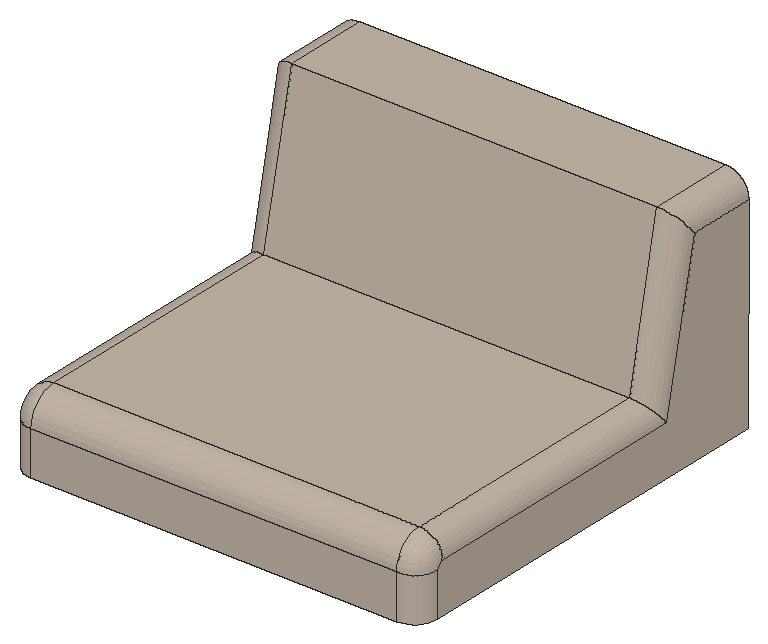
Revit family "FU_Seat_LAPSE 0200TA", category Furniture, Revit 2022
Family settings
  OmniClass Number = 23.40.20.00
  OmniClass Title = General Furniture and Specialties
  Work Plane-Based = No
  Always vertical = Yes
  Cut with Voids When Loaded = No
  Render Appearance Source = Family Geometry
  Shared = No
  Room Calculation Point = No
Parameters (values of type "LAP0200TA")
  Width = 720 mm
  URL = "https://www.sandlerseating.com/product/lapse-0200ta-2/"
  Seat [instance] = Fabric - Gravity - Wheat CPC21
  Model = "LAP0200TA"
  Manufacturer = "Sandler"
  Height = 400 mm
  Description = "Upholstered seat with backrest in the Lapse modular sofa range, 72cm x 72cm / 28.3\" x 28.3\"."
  Depth = 720 mm
  Default Elevation = 333 mm
Reference planes
  plane 1 "Center (Front/Back)": y = 0
  plane 2 "elevation": z = 333
  plane 3 "Center (Left/Right)": x = 0
  plane 4 "Right": x = -360
  plane 5 "Left": x = 360
  plane 6 "Front": y = -360
  plane 7 "Back": y = 360
  plane 8 "Height": z = 733
  plane 9: y = 245
  plane 10 "Seat Height": z = 460
Forms (mm)
  Sweep 1, solid, material "Fabric - Gravity - Wheat CPC21" <- "Seat"
    path origin (0, 360, 0) x (-1, 0, 0) y (0, 0, 1)
      loop
        line (-360, 733) -> (360, 733)
    profile origin (0, 360, 733) x (0, 0, -1) y (0, -1, 0)
      loop
        line (0, 0) -> (400, 0) -> (400, 720) -> (323, 720)
        arc (323, 720) -> (287.645, 705.355) -> (273, 670) r 50
        line (273, 670) -> (273, 210.023) -> (0, 150.023) -> (0, 0)
  Sweep 2, void
    path in 3D
      loop
        line (-360, -360, 333) -> (-360, -360, 410)
        arc (-360, -360, 410) -> (-360, -345.355, 445.355) -> (-360, -310, 460) r 50
        line (-360, -310, 460) -> (-360, 149.977, 460) -> (-360, 209.977, 733) -> (-360, 360, 733)
    profile "Pro_edgeCut_40mm : Pro_edgeCut_40mm" origin (-360, -360, 371.5) x (0, 1, 0) y (-1, 0, 0)
      loop
        line (7.071, 21.213) -> (-21.213, -7.071) -> (0, -40)
        arc (0, -40) -> (11.716, -11.716) -> (40, 0) r 40
        line (40, 0) -> (7.071, 21.213)
  Sweep 3, void
    path in 3D
      loop
        line (360, 360, 733) -> (360, 209.977, 733) -> (360, 149.977, 460) -> (360, -310, 460)
        arc (360, -310, 460) -> (360, -345.355, 445.355) -> (360, -360, 410) r 50
        line (360, -360, 410) -> (360, -360, 333)
    profile "Pro_edgeCut_40mm : Pro_edgeCut_40mm" origin (360, -360, 371.5) x (0, 1, 0) y (1, 0, 0)
      loop
        line (7.071, 21.213) -> (-21.213, -7.071) -> (0, -40)
        arc (0, -40) -> (11.716, -11.716) -> (40, 0) r 40
        line (40, 0) -> (7.071, 21.213)
Cuts and joins
  Sweep 2, Sweep 3 cuts Sweep 1
Lines and regions (mm)
  sketch lines
    curve 1: line (-360, -360, 333) -> (-360, -360, 410)
    curve 2: arc (-360, -310, 460) -> (-360, -345.355, 445.355) -> (-360, -360, 410) r 50
    curve 3: line (-360, -310, 460) -> (-360, 149.977, 460)
    curve 4: line (-360, 149.977, 460) -> (-360, 209.977, 733)
    curve 5: line (-360, 209.977, 733) -> (-360, 360, 733)
    curve 6: line (360, -360, 410) -> (360, -360, 333)
    curve 7: arc (360, -360, 410) -> (360, -345.355, 445.355) -> (360, -310, 460) r 50
    curve 8: line (360, 149.977, 460) -> (360, -310, 460)
    curve 9: line (360, 209.977, 733) -> (360, 149.977, 460)
    curve 10: line (360, 360, 733) -> (360, 209.977, 733)
Dimensions and locks
  equal spacing: plane 4 "Right", plane 3 "Center (Left/Right)", plane 5 "Left"
  equal spacing: plane 7 "Back", plane 1 "Center (Front/Back)", plane 6 "Front"
  "Depth": plane 7 "Back" to plane 6 "Front"
  "Width": plane 4 "Right" to plane 5 "Left"
  "Height": plane 8 "Height" to plane 2 "elevation"
  plane 2 "elevation" to level = 333 mm
  aligned and locked: plane 2 "elevation" to Sweep 1 sketch curve
  aligned and locked: Sweep 1 sketch curve to plane 10 "Seat Height"
  aligned and locked: plane 7 "Back" to Sweep 1 sketch curve
  aligned and locked: plane 6 "Front" to Sweep 1 sketch curve
Automatic sketch dimensions
  plane 5 "Left" to Sweep 1 sketch curve = 0 mm
  Sweep 1 sketch curve to plane 4 "Right" = 0 mm
  Sweep 1 sketch curve to plane 8 "Height" = 0 mm
  Sweep 1 sketch curve to profile plane = 0 mm
  Sweep 1 sketch curve to Sweep 1 sketch curve = 50 mm
  plane 7 "Back" to Sweep 1 sketch curve = 150.023 mm
  plane 7 "Back" to Sweep 1 sketch curve = 210.023 mm
